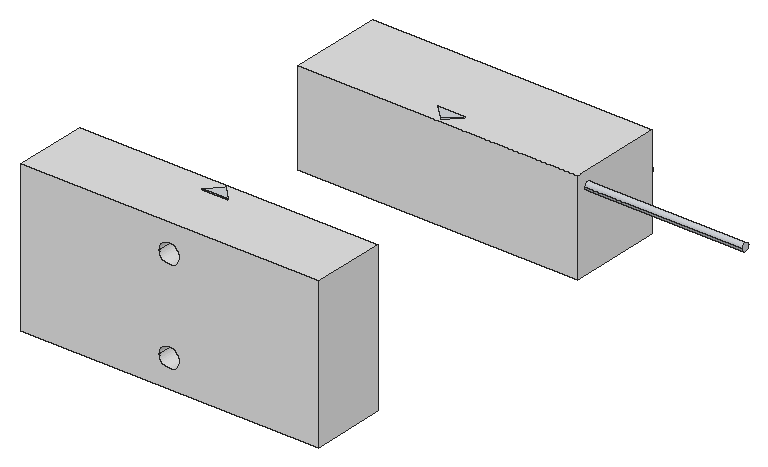
Revit family "izveshatel_io_102-26_ex_isp_250", category Датчики, Revit 2016
Family settings
  Сохранять ориентацию аннотаций = Нет
  Тип детали = Нормальный
  Размер круглого соединителя = Использовать диаметр
  На основе рабочей плоскости = Нет
  Всегда вертикально = Да
  При загрузке вырезать с полостями = Нет
  Общий = Нет
  Точка расчета площади = Нет
Parameters (values of type "ИО 102-26_EX исп.250")
  Ширина магнита = 50 mm
  Смещение датчика от магнита [instance] = 140 mm
  Метизы = yes
  Watermarked By = ""
  Type Comments = "﻿﻿                           ﻿       ﻿     ﻿       ​         ​       ​   ​                  ﻿      ​ ​  ​       ​     ​ ﻿​                    ﻿     ﻿       ﻿       ﻿     ​         ﻿               ﻿﻿"
  Изготовитель = "ООО НПП \"Магнито-Контакт\""
  Длина магнита = 150 mm
  Высота магнита = 50 mm
  URL = "www.m-kontakt.ru/produkt/datch_dlya_magn_konstr/ayaks_v_vse.html"
  Keynote = "﻿﻿                           ﻿       ﻿     ﻿       ​         ​       ​   ​                  ﻿      ​ ​  ​       ​     ​ ﻿​                    ﻿     ﻿       ﻿       ﻿     ​         ﻿               ﻿﻿"
  Description = "﻿﻿                           ﻿       ﻿     ﻿       ​         ​       ​   ​                  ﻿      ​ ​  ​       ​     ​ ﻿​                    ﻿     ﻿       ﻿       ﻿     ​         ﻿               ﻿﻿"
  BL_Разработано = "support@bimlib.ru"  # constant formula
  BL_Email = "451694@bk.ru"  # constant formula
  BL_BIM library = "https://bimlib.ru/manufacturer/company/2873"
  Assembly Code = "﻿﻿                           ﻿       ﻿     ﻿       ​         ​       ​   ​                  ﻿      ​ ​  ​       ​     ​ ﻿​                    ﻿     ﻿       ﻿       ﻿     ​         ﻿               ﻿﻿"
  ADSK_Размер_Ширина = 40 mm
  ADSK_Размер_Длина = 160 mm
  ADSK_Размер_Высота = 80 mm
  ADSK_Примечание = ""
  ADSK_Позиция = ""
  ADSK_Обозначение = "исп.250"
  ADSK_Наименование = "Извещатель охранный точечный магнитоконтактный взрывозащищенный ИО102-26 ПАШК.425119.008"  # constant formula
  ADSK_Материал = Пластик белый
  ADSK_Масса = 3
  ADSK_Код изделия = ""
  ADSK_Завод-изготовитель = "ООО НПП \"Магнито-Контакт\""
  ADSK_Единица измерения = "шт."
  ADSK_Версия Revit = "2016"  # constant formula
  ADSK_URL страницы изделия = ""
  ADSK_URL документации изделия = ""
Reference planes
  plane 1 "По центру (Вперед/Назад)": y = 0
  plane 2: z = 0
  plane 3 "По центру (Влево/Вправо)": x = 0
  plane 4: z = 80
  plane 5: y = 70
  plane 6: y = 120
  plane 7: y = -70
  plane 8: y = -110
  plane 9: x = -75
  plane 10: x = 75
  plane 11: x = -80
  plane 12: x = 80
  plane 13: z = 50
Forms (mm)
  Extrusion 1, solid, material "Пластик белый" <- "ADSK_Материал", detail levels medium+fine
    sketch origin (0, 0, 0) x (1, 0, 0) y (0, 1, 0)
      loop
        line (-80, -70) -> (-80, -110) -> (80, -110) -> (80, -70) -> (-80, -70)
    from 0 to 80
  Extrusion 2, solid, material "Пластик белый" <- "ADSK_Материал", detail levels medium+fine
    sketch origin (0, 0, 0) x (1, 0, 0) y (0, 1, 0)
      loop
        line (-75, 120) -> (-75, 70) -> (75, 70) -> (75, 120) -> (-75, 120)
    from 0 to 50
  Extrusion 3, void
    sketch origin (-72.5, 0, 10) x (-1, 0, 0) y (0, 0, -1)
      loop
        circle (-72.5, -5) r 5.5
    from 70 to 110
  Extrusion 4, solid, detail levels fine
    sketch origin (0, 82.419, 29.688) x (0, 1, 0) y (0, 0, 1)
      loop
        circle (-5.921, 12.911) r 2
    from 75 to 159.895
  Extrusion 5, solid, detail levels medium+fine
    sketch origin (0.013, 3.406, 60.428) x (1, 0, 0) y (0, 1, 0)
      loop
        line (0, -75.695) -> (-7.071, -82.766) -> (-2.071, -82.766) -> (7.071, -82.766) -> (0, -75.695)
    from 19.122 to 20.022
  Extrusion 6, solid, not visible, detail levels medium+fine
    sketch origin (0.013, 34.969, 43.75) x (1, 0, 0) y (0, 1, 0)
      loop
        line (0, -75.695) -> (-7.071, -82.766) -> (-2.071, -82.766) -> (7.071, -82.766) -> (0, -75.695)
    from 19.122 to 20.022
  Extrusion 7, solid, detail levels medium+fine
    sketch origin (0.013, 3.719, 30.428) x (1, 0, 0) y (0, 1, 0)
      loop
        line (0, 68.258) -> (7.071, 75.329) -> (-2.071, 75.329) -> (-7.071, 75.329) -> (0, 68.258)
    from 19.122 to 20.022
  Extrusion 8, solid, material "Пластик белый" <- "ADSK_Материал", visible <- "Метизы", detail levels medium+fine
    sketch origin (25.959, 55, -1.905) x (1, 0, 0) y (0, 0, 1)
      loop
        line (-41.626, 21.529) -> (-44.49, 26.489) -> (-50.217, 26.489) -> (-53.08, 21.529) -> (-50.217, 16.57) -> (-44.49, 16.57) -> (-41.626, 21.529)
      loop
        line (29.626, 21.529) -> (32.49, 16.57) -> (38.217, 16.57) -> (41.08, 21.529) -> (38.217, 26.489) -> (32.49, 26.489) -> (29.626, 21.529)
    from -66.796 to -65
  Extrusion 9, solid, material "Пластик белый" <- "ADSK_Материал", visible <- "Метизы", detail levels medium+fine
    sketch origin (25.959, 55, -1.905) x (1, 0, 0) y (0, 0, 1)
      loop
        circle (-47.251, 21.529) r 2
      loop
        circle (35.251, 21.529) r 2
    from -80.502 to -65
  Extrusion 10, solid, material "Пластик белый" <- "ADSK_Материал", visible <- "Метизы", not visible, detail levels medium+fine
    sketch origin (25.959, 45, -1.905) x (1, 0, 0) y (0, 0, 1)
      loop
        line (-41.626, 21.529) -> (-44.49, 26.489) -> (-50.217, 26.489) -> (-53.08, 21.529) -> (-50.217, 16.57) -> (-44.49, 16.57) -> (-41.626, 21.529)
      loop
        line (29.626, 21.529) -> (32.49, 16.57) -> (38.217, 16.57) -> (41.08, 21.529) -> (38.217, 26.489) -> (32.49, 26.489) -> (29.626, 21.529)
    from -66.796 to -65
  Extrusion 11, solid, material "Пластик белый" <- "ADSK_Материал", visible <- "Метизы", not visible, detail levels medium+fine
    sketch origin (25.959, 45, -1.905) x (1, 0, 0) y (0, 0, 1)
      loop
        circle (-47.251, 21.529) r 2
      loop
        circle (35.251, 21.529) r 2
    from -80.502 to -65
  Extrusion 12, void
    sketch origin (-72.5, 0, 60) x (-1, 0, 0) y (0, 0, -1)
      loop
        circle (-72.5, -5) r 5.5
    from 70 to 110
Cuts and joins
  Extrusion 3, Extrusion 12 cuts Extrusion 1
Lines and regions (mm)
  reference lines
    curve 1: line (0, -72.289, 80) -> (0, -91.098, 80)
    curve 3: line (0, 71.976, 50) -> (0, 90.786, 50)
    curve 4: line (0, 135.502, 19.625) -> (0, 109.29, 19.625)
  reference lines, not visible
    curve 2: line (0, -40.726, 63.322) -> (0, -59.536, 63.322)
    curve 5: line (0, 125.502, 19.625) -> (0, 99.29, 19.625)
Dimensions and locks
  "ADSK_Размер_Высота": level to plane 4
  equal spacing: plane 5, plane 1 "По центру (Вперед/Назад)", plane 7
  "Смещение датчика от магнита": plane 5 to plane 7
  "Ширина магнита": plane 6 to plane 5
  "ADSK_Размер_Ширина": plane 7 to plane 8
  equal spacing: plane 11, plane 3 "По центру (Влево/Вправо)", plane 12
  "ADSK_Размер_Длина": plane 11 to plane 12
  equal spacing: plane 9, plane 3 "По центру (Влево/Вправо)", plane 10
  "Длина магнита": plane 9 to plane 10
  "Высота магнита": plane 13 to level
  Extrusion 3 sketch curve to level = 15 mm
  plane 12 to Extrusion 3 sketch curve = 80 mm
  locked: Extrusion 4 sketch curve to plane 5 at 6.498
  Extrusion 4 sketch curve to level = 42.598 mm
  locked: Extrusion 7 to plane 5 at 1.976
  locked: plane 7 to Extrusion 5 at 2.289
  locked: curve 4 to level at 19.625
  aligned and locked: level to plane 2
  aligned and locked: Extrusion 1 sketch curve to plane 7
  aligned and locked: plane 11 to Extrusion 1 sketch curve
  aligned and locked: plane 8 to Extrusion 1 sketch curve
  aligned and locked: Extrusion 1 sketch curve to plane 12
  aligned and locked: Extrusion 2 sketch curve to plane 6
  aligned and locked: Extrusion 2 sketch curve to plane 9
  aligned and locked: plane 5 to Extrusion 2 sketch curve
  aligned and locked: plane 10 to Extrusion 2 sketch curve
  aligned and locked: plane 13 to Extrusion 2
  aligned and locked: plane 4 to Extrusion 1
  aligned and locked: plane 7 to Extrusion 3
  aligned and locked: Extrusion 3 to plane 8
  aligned and locked: plane 10 to Extrusion 4
  aligned and locked: curve 1 to plane 4
  aligned and locked: plane 13 to curve 3
  aligned and locked: Extrusion 8 to plane 6
  aligned and locked: Extrusion 9 to plane 6
  aligned and locked: Extrusion 1 to Extrusion 12  (x2)
  aligned and locked: Extrusion 1 to Extrusion 3  (x2)
Automatic sketch dimensions
  curve 1 to curve 1 = 18.81 mm
  curve 2 to curve 2 = 18.81 mm
  curve 3 to curve 3 = 18.81 mm
  Extrusion 7 sketch curve to Extrusion 7 sketch curve = 7.071 mm  (x2)
  Extrusion 7 sketch curve to Extrusion 7 sketch curve = 5 mm
  Extrusion 5 sketch curve to Extrusion 5 sketch curve = 7.071 mm  (x2)
  Extrusion 5 sketch curve to Extrusion 5 sketch curve = 5 mm
  Extrusion 6 sketch curve to Extrusion 6 sketch curve = 7.071 mm  (x2)
  Extrusion 6 sketch curve to Extrusion 6 sketch curve = 5 mm
  Extrusion 8 sketch curve to Extrusion 8 sketch curve = 2.864 mm  (x6)
  Extrusion 8 sketch curve to Extrusion 8 sketch curve = 5.727 mm  (x4)
  Extrusion 8 sketch curve to Extrusion 8 sketch curve = 71.252 mm
  Extrusion 8 sketch curve to Extrusion 8 sketch curve = 4.96 mm  (x7)
  Extrusion 9 sketch curve to Extrusion 9 sketch curve = 82.502 mm
  Extrusion 9 sketch curve to Extrusion 9 sketch curve = 0 mm
  Extrusion 10 sketch curve to Extrusion 10 sketch curve = 2.864 mm  (x6)
  Extrusion 10 sketch curve to Extrusion 10 sketch curve = 5.727 mm  (x4)
  Extrusion 10 sketch curve to Extrusion 10 sketch curve = 71.252 mm
  Extrusion 10 sketch curve to Extrusion 10 sketch curve = 4.96 mm  (x7)
  Extrusion 11 sketch curve to Extrusion 11 sketch curve = 82.502 mm
  Extrusion 11 sketch curve to Extrusion 11 sketch curve = 0 mm
  curve 4 to curve 4 = 26.212 mm
  curve 5 to curve 5 = 26.212 mm
  Extrusion 12 sketch curve to plane 3 "По центру (Влево/Вправо)" = 0 mm
  plane 4 to Extrusion 12 sketch curve = 15 mm
  radius of Extrusion 9 sketch curve = 2 mm  (x2)
  radius of Extrusion 11 sketch curve = 2 mm  (x2)
  radius of Extrusion 3 sketch curve = 5.5 mm
  radius of Extrusion 4 sketch curve = 2 mm
  radius of Extrusion 12 sketch curve = 5.5 mm
Nested families
  nested 1: "уго_извещатель" at (0, 0, 0), type "уго_извещатель", detail levels coarse
Connectors
  electrical at (0, 0, 0)
    settings: index 1, voltage 0 V, apparent load 0 VA, apparent load phase1 0 VA, apparent load phase2 0 VA, apparent load phase3 0 VA, power factor 1, load classification "Прочее", number of poles 1, system type 10, power factor state 1, is connector primary yes, connector utility no, sub classification motor no, connector description ""
Definition of nested family "уго_извещатель"
  Parameters (values of type "уго_извещатель")
    Watermarked By = ""
  Reference planes
    plane 1: y = 0
    plane 2: x = 0
  Lines and regions (mm)
    Filled region 1, type "Цветовая область 1"
      outline origin (0, 0, 0) x (1, 0, 0) y (0, 1, 0)
        loop
          line (-2.5, 2.5) -> (-2.5, 0.9) -> (2.5, 0.9) -> (2.5, 2.5) -> (-2.5, 2.5)
    Filled region 2, type "Цветовая область 1"
      outline origin (0, 0, 0) x (1, 0, 0) y (0, 1, 0)
        loop
          line (-2.5, -0.9) -> (-2.5, -2.5) -> (2.5, -2.5) -> (2.5, -0.9) -> (-2.5, -0.9)
    detail lines
      curve 1: line (-2.5, 2.5, 0) -> (2.5, 2.5, 0)
      curve 2: line (-2.5, -2.5, 0) -> (-2.5, 2.5, 0)
      curve 3: line (2.5, -2.5, 0) -> (-2.5, -2.5, 0)
      curve 4: line (2.5, 2.5, 0) -> (2.5, -2.5, 0)
      curve 5: line (-2.5, 0.9, 0) -> (2.5, 0.9, 0)
      curve 6: line (-2.5, -0.9, 0) -> (2.5, -0.9, 0)
